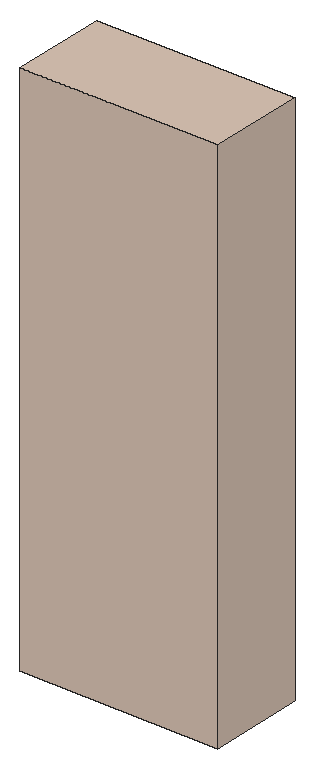
Revit family "efad59ca-4a50-4160-ad04-2817419f50eb", category Generic Models, host Wall, Revit 2014
Parameters (values of type "305 Narrow Combo")
  Width = 0' - 8 1/4"
  URL = "www.noblecompany.com"
  Specification = ""
  Sales Information = "http://noblecompany.com/contact/"
  Revision = "R1_09-2016"
  Product Properties = "http://noblecompany.com/products/noble-niches"
  Product Data = "http://www.arcat.com/arcatcos/cos34/arc34489.html"
  Niche Material = Acrylic Polymer Finish
  Model = "305"
  Manufacturer Website = "www.noblecompany.com"
  Manufacturer Phone - Toll Free = "800-878-5788"
  Manufacturer Phone = "231-799-8000"
  Manufacturer Fax = "231-799-8850"
  Manufacturer Address = "P. O. Box 350, Grand Haven, MI 49417-0350"
  Manufacturer = "Noble Company"
  Keynote = "10 28 00"
  Installation-Fabrication = "http://noblecompany.com/storage/docs/resources/NN062016-13_Noble_Niche_Installation_Instruction.pdf"
  Instal Height [instance] = 5' - 0"
  Height = 1' - 10 1/2"
  Drawn By = "Sumex Design - Robert S Weygant"
  Description = "305 Narrow Combo Niche"
  Depth = 0' - 4"
  Copyright = "� 2016 ARCAT Inc."
  Construction Details = ""
  Assembly Code = "D2010700"
Types (2): name | Width | Model | Description
  304 Wide Combo | 1' - 2 1/4" | "304" | "304 Wide Combo Niche"
  305 Narrow Combo | 0' - 8 1/4" | "305" | "305 Narrow Combo Niche"
Reference planes (in)
  plane 1: y = 0
  plane 2 "Center (Left/Right)": x = 0
  plane 3 "Wall Edge": y = 3
  plane 4: x = -4.125
  plane 5: y = 3.125
  plane 6: y = -0.875
  plane 7: x = 4.125
  plane 8: z = 60
  plane 9: z = 37.5
  plane 10: x = -3
  plane 11: x = 3
  plane 12: y = -0.375
  plane 13: z = 38.625
  plane 14: z = 44.625
  plane 15: z = 46.875
  plane 16: z = 58.875
Forms (in)
  Extrusion 1, void
    sketch origin (0, 0, 0) x (1, 0, 0) y (0, 1, 0)
      loop
        line (-4.125, 3.125) -> (-4.125, -0.875) -> (4.125, -0.875) -> (4.125, 3.125) -> (-4.125, 3.125)
    from 37.5 to 60
  Extrusion 2, solid, material "Acrylic Polymer Finish" <- "Niche Material"
    sketch origin (0, 0, 0) x (1, 0, 0) y (0, 1, 0)
      loop
        line (-4.125, 3.125) -> (-4.125, -0.875) -> (4.125, -0.875) -> (4.125, 3.125) -> (-4.125, 3.125)
    from 37.5 to 60
  Extrusion 3, void
    sketch origin (0, 3, 0) x (1, 0, 0) y (0, 0, 1)
      loop
        line (3, 58.875) -> (-3, 58.875) -> (-3, 46.875) -> (3, 46.875) -> (3, 58.875)
      loop
        line (3, 44.625) -> (-3, 44.625) -> (-3, 38.625) -> (3, 38.625) -> (3, 44.625)
    from -0.125 to 3.375
Cuts and joins
  Extrusion 3 cuts Extrusion 2
Text (in)
  text "Placement Side" at (0, 40.15149, 123.01588), in view "Right"
  text "Placement Side" at (-105.78919, 39.84311, 0), in view "Ref. Level"
  text "Placement Side" at (0, 81.62555, 140.59947), in view "Left"
Dimensions and locks (in)
  locked: plane 3 "Wall Edge" to host wall
  equal spacing: plane 4, plane 2 "Center (Left/Right)", plane 7
  "Width": plane 4 to plane 7
  "Depth": plane 5 to plane 6
  locked: plane 5 to plane 3 "Wall Edge" at 0.125
  "Height": plane 9 to plane 8
  "Instal Height": level to plane 8
  locked: plane 12 to plane 6 at 0.5
  locked: plane 4 to plane 10 at 1.125
  locked: plane 11 to plane 7 at 1.125
  locked: plane 13 to plane 14 at 6
  locked: plane 15 to plane 16 at 12
  locked: plane 16 to plane 8 at 1.125
  locked: plane 9 to plane 13 at 1.125
  aligned and locked: Extrusion 1 sketch curve to plane 5
  aligned and locked: plane 4 to Extrusion 1 sketch curve
  aligned and locked: plane 6 to Extrusion 1 sketch curve
  aligned and locked: plane 7 to Extrusion 1 sketch curve
  aligned and locked: plane 8 to Extrusion 1
  aligned and locked: Extrusion 1 to plane 9
  aligned and locked: Extrusion 2 sketch curve to plane 5
  aligned and locked: plane 4 to Extrusion 2 sketch curve
  aligned and locked: plane 6 to Extrusion 2 sketch curve
  aligned and locked: plane 7 to Extrusion 2 sketch curve
  aligned and locked: plane 8 to Extrusion 2
  aligned and locked: Extrusion 2 to plane 9
  aligned and locked: plane 16 to Extrusion 3 sketch curve
  aligned and locked: plane 11 to Extrusion 3 sketch curve  (x2)
  aligned and locked: Extrusion 3 sketch curve to plane 15
  aligned and locked: plane 10 to Extrusion 3 sketch curve  (x2)
  aligned and locked: plane 14 to Extrusion 3 sketch curve
  aligned and locked: Extrusion 3 sketch curve to plane 13
  aligned and locked: Extrusion 3 to plane 12
  aligned and locked: plane 5 to Extrusion 3
